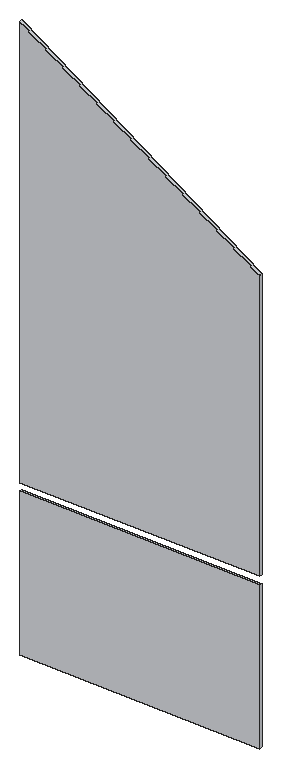
Revit family "EXP_WT-1A_CPan-023", category Curtain Panels, Revit 2021
Family settings
  OmniClass Number = 23.25.20.14.11.11.17
  OmniClass Title = Infill Panels
  Always vertical = Yes
  Cut with Voids When Loaded = No
  Shared = No
Parameters (values of type "H2 = 4' 10"")
  UI-UnitNumber [instance] = "001"
  UI-Quadrant [instance] = "SE"
  UI-ProjectAbbreviation = "NEU"
  UI-ItemCategory = "PID"
  UI-FloorNumber [instance] = "03"
  PNT-WallType = "WT1A"
  PNT-ProjectAbbreviation = "NEU"
  PNT-PanelType [instance] = "01"
  PNT-ItemCategory = "PNL"
  HSX [instance] = HModSX - CellH  # 12' - 0"
  HModSX [instance] = 13' - 6"
  HModDX [instance] = 18' - 1"
  HDX [instance] = HModDX - CellH  # 16' - 7"
  GlassSPH2(x2) [instance] = 0' - 1 1/8"
  GlassSPH1 [instance] = 0' - 1 1/8"
  GlassH2 [instance] = none
  GlassH1 [instance] = none
  Define Thermal Properties by = Schematic Type
  CellSxH1 [instance] = 8' - 8"
  CellSxH [instance] = HSX + CellH  # 13' - 6"
  CellSp = 0' - 10 3/16"
  CellL [instance] = 7' - 8"
  CellH2 = 4' - 10"
  CellH [instance] = 1' - 6"
  CellDxH1 [instance] = 13' - 3"
  CellDxH [instance] = HDX + CellH  # 18' - 1"
  AncleTrapezoid [instance] = 120.872°
  Analytic Construction = "<None>"
Reference planes (in)
  plane 1 "Center (Front/Back)": y = 0
  plane 2: z = 0
  plane 3 "Center (Left/Right)": x = 0
  plane 4 "Left": x = -46
  plane 5 "Right": x = 46
  plane 6 "Top": z = 18
  plane 7: y = -10.1875
  plane 8: z = 162
  plane 9: z = 217
  plane 10: z = 58
Forms (in)
  Extrusion 1, solid, material <- "GlassH1", detail levels coarse+medium
    sketch origin (0, 0, 0) x (1, 0, 0) y (0, 0, 1)
      loop
        line (46, 162) -> (-46, 217) -> (-46, 58) -> (46, 58) -> (46, 162)
    from 0 to 10.1875
  Extrusion 2, solid, material <- "GlassH2", detail levels coarse+medium
    sketch origin (0, 0, 0) x (1, 0, 0) y (0, 1, 0)
      loop
        line (-46, -10.1875) -> (46, -10.1875) -> (46, 0) -> (-46, 0) -> (-46, -10.1875)
    from 0 to 58
Lines and regions (in)
  reference lines
    curve 1: line (46, 0, 162) -> (-46, 0, 217)
Text (in)
  text "Exterior" at (-92.59733, 55.75508, 0), in view "Ref. Level"
  text "Exterior" at (0, 90.18664, 173.49264), in view "Left"
  text "Exterior" at (0, 52.29083, 162.21847), in view "Right"
Dimensions and locks (in)
  equal spacing: plane 4 "Left", plane 3 "Center (Left/Right)", plane 5 "Right"  (x2)
  "CellL": plane 4 "Left" to plane 5 "Right"
  "CellSp": plane 7 to plane 1 "Center (Front/Back)"
  "CellH": plane 2 to plane 6 "Top"
  "HSX": plane 6 "Top" to plane 8
  "HDX": plane 6 "Top" to plane 9
  "CellH2": plane 2 to plane 10
  "CellSxH1": plane 10 to plane 8
  "CellDxH1": plane 10 to plane 9
  aligned and locked: level to plane 2
  aligned and locked: plane 5 "Right" to Extrusion 1 sketch curve
  aligned and locked: Extrusion 1 sketch curve to plane 4 "Left"
  aligned and locked: Extrusion 1 to plane 7
  aligned and locked: plane 10 to Extrusion 1 sketch curve
  aligned and locked: Extrusion 2 sketch curve to plane 7
  aligned and locked: plane 4 "Left" to Extrusion 2 sketch curve
  aligned and locked: Extrusion 2 sketch curve to plane 1 "Center (Front/Back)"
  aligned and locked: Extrusion 2 sketch curve to plane 5 "Right"
  aligned and locked: plane 10 to Extrusion 2
  aligned and locked: Extrusion 2 to plane 2
  aligned and locked: Extrusion 1 sketch curve to curve 1
  aligned and locked: plane 7 to nested 1
  aligned and locked: plane 10 to nested 1
  aligned and locked: nested 1 to plane 5 "Right"
  aligned and locked: nested 1 to plane 4 "Left"
  aligned and locked: nested 1 to plane 9
  aligned and locked: nested 1 to plane 8
  aligned and locked: nested 2 to plane 4 "Left"
  aligned and locked: nested 2 to plane 5 "Right"
  aligned and locked: plane 7 to nested 2
  aligned and locked: plane 10 to nested 2
  aligned and locked: plane 2 to nested 2
Automatic sketch dimensions
  plane 5 "Right" to curve 1 = 0' - 0"
  curve 1 to plane 8 = 0' - 0"
  curve 1 to plane 9 = 0' - 0"
  curve 1 to plane 4 "Left" = 0' - 0"
Nested families (in)
  nested 1: "EXP_WT-1x_IG-002" at (0, -10.1875, 137.5) x (-1, 0, 0) z (0, 0, 1), MaterialGlass <- "GlassH1", GlassSP <- "GlassSPH1", type "EXP_WT-1x_IG-002", detail levels fine
    with MaterialGlass none, GlassSP 0' - 1 1/8", GlassL 7' - 6 1/8", CellSxH 8' - 8", CellL 7' - 8", CellH 13' - 3", CellDxH 13' - 3", GlassHSX 8' - 5.44817", GlassHDX 12' - 11.32725", GlassAngleB 59.1279°, GlassAngleA 120.872°
  nested 2: "EXP_WT-1x_IG-001" at (0, -10.1875, 29) x (-1, 0, 0) z (0, 0, 1), GlassSP <- "GlassSPH2(x2)", MaterialGlass <- "GlassH2", type "GlassSP = H"
    with MaterialGlass none, GlassSP 0' - 1 1/8", GlassL 7' - 6.12549", GlassH 4' - 7.12598", CellL 7' - 8", CellH 4' - 10"
Definition of nested family "EXP_WT-1x_IG-002"
  Parameters (values of type "EXP_WT-1x_IG-002")
    MaterialGlass [instance] = none
    GlassSP [instance] = 0' - 1 1/4"
    GlassL [instance] = CellL - (GlassD1 + GlassD3)  # 4' - 2.0935"
    GlassHSX [instance] = 5' - 6.85315"
    GlassHDX [instance] = 6' - 5.47904"
    GlassD4 = 0' - 1 7/16"
    GlassD3 = 0' - 0 15/16"
    GlassD2 = 0' - 1 7/16"
    GlassD1 = 0' - 0 15/16"
    GlassAngleB [instance] = 78.0239°
    GlassAngleA [instance] = 101.976°
    GMPI-ProjectAbbreviation = "NEU"
    GMPI-IteamCategory = "GLS"
    DistanceFacade = 0' - 4.72441"
    Default Elevation = 0' - 0"
    CellSxH [instance] = 5' - 9.56127"
    CellL [instance] = 4' - 3.9685"
    CellH [instance] = 6' - 8.58489"
    CellDxH [instance] = CellH  # 6' - 8.58489"
  Reference planes (in)
    plane 1 "Center (Front/Back)": y = 0
    plane 2: z = 0
    plane 3 "Center (Left/Right)": x = 0
    plane 4: x = -25.98425
    plane 5: x = 25.98425
    plane 6: z = 40.29245
    plane 7: x = -25.04675
    plane 8: x = 25.04675
    plane 9: z = -40.29245
    plane 10: z = -38.85495
    plane 11: z = 29.26882
  Forms (in)
    Extrusion 1, solid, material <- "MaterialGlass"
      sketch origin (0, 0, 0) x (1, 0, 0) y (0, 0, 1)
        loop
          line (-25.04675, 27.9982) -> (-25.04675, -38.85495) -> (25.04675, -38.85495) -> (25.04675, 38.6241) -> (-25.04675, 27.9982)
      from 0 to 1.25 <- "GlassSP"
  Lines and regions (in)
    reference lines
      curve 1: line (-25.98425, 0, 29.26882) -> (25.98425, 0, 40.29245)
      curve 2: line (-25.98425, 0, 27.79934) -> (25.98425, 0, 38.82296)
  Dimensions and locks (in)
    equal spacing: plane 6, level, plane 9
    "CellH": plane 6 to plane 9
    equal spacing: plane 4, plane 3 "Center (Left/Right)", plane 5
    "CellL": plane 4 to plane 5
    "GlassD1": plane 4 to plane 7
    "GlassD3": plane 5 to plane 8
    "GlassD2": curve 2 to curve 1
    "GlassD4": plane 10 to plane 9
    "CellSxH": plane 11 to plane 9
    "GlassHDX": Extrusion 1 to plane 10
    "GlassHSX": Extrusion 1 to plane 10
    "GlassAngleA": angle Extrusion 1 to Extrusion 1
    "GlassAngleB": angle Extrusion 1 to Extrusion 1
    aligned and locked: level to plane 2
    aligned and locked: plane 4 to curve 2
    aligned and locked: plane 5 to curve 2
    aligned and locked: Extrusion 1 sketch curve to plane 7
    aligned and locked: curve 2 to Extrusion 1 sketch curve
    aligned and locked: Extrusion 1 sketch curve to plane 8
    aligned and locked: Extrusion 1 sketch curve to plane 10
  Automatic sketch dimensions
    plane 4 to curve 1 = 0' - 0"
    plane 5 to curve 1 = 0' - 0"
    curve 1 to plane 11 = 0' - 0"
    curve 1 to plane 6 = 0' - 0"
Definition of nested family "EXP_WT-1x_IG-001"
  Parameters (values of type "H2 _ GlassSP = 1 1/4"")
    MaterialGlass [instance] = none
    GlassSP [instance] = 0' - 1 1/4"
    GlassL [instance] = CellL - (GlassD1 + GlassD3)  # 3' - 10.94439"
    GlassH [instance] = CellH - (GlassD2 + GlassD4)  # 6' - 6.64788"
    GlassD4 = 0' - 1.43701"
    GlassD3 = 0' - 0.93701"
    GlassD2 = 0' - 0 1/2"
    GlassD1 = 0' - 0 15/16"
    GMPI-ProjectAbbreviation = "NEU"
    GMPI-IteamCategory = "GLS"
    Default Elevation = 0' - 0"
    CellL [instance] = 4' - 0.8189"
    CellH [instance] = 6' - 8.58489"
  Types (12): name | GlassSP | GlassL | GlassH | GlassD4 | GlassD2 | GlassD1
    H2(x2) _ GlassSP = 2 1/8" | 0' - 2.12598" | 3' - 10.94488" | 6' - 6.64788" | 0' - 1.43701" | 0' - 0 1/2" | 0' - 0.93701"
    H1 _ GlassSP = 1 1/4" | 0' - 1 1/4" | 3' - 10.94439" | 6' - 6.89739" | 0' - 0 1/4" | 0' - 1 7/16" | 0' - 0 15/16"
    H2(x3) _ GlassSP = 2 1/8" | 0' - 2.12598" | 3' - 10.94488" | 6' - 7.83489" | 0' - 0 1/4" | 0' - 0 1/2" | 0' - 0.93701"
    H3 _ GlassSP = 1 1/4" | 0' - 1 1/4" | 3' - 10.94439" | 6' - 6.64788" | 0' - 1.43701" | 0' - 0 1/2" | 0' - 0 15/16"
    H _ GlassSP = 2 1/8" | 0' - 2.12598" | 3' - 10.94488" | 6' - 5.71088" | 0' - 1.43701" | 0' - 1.43701" | 0' - 0.93701"
    H _ GlassSP = 1 1/4" | 0' - 1 1/4" | 3' - 10.94439" | 6' - 5.71088" | 0' - 1.43701" | 0' - 1.43701" | 0' - 0 15/16"
    H2 _ GlassSP = 1 1/4" | 0' - 1 1/4" | 3' - 10.94439" | 6' - 6.64788" | 0' - 1.43701" | 0' - 0 1/2" | 0' - 0 15/16"
    GlassSP = H | 0' - 1 1/4" | 3' - 10.94439" | 6' - 5.71088" | 0' - 1.43701" | 0' - 1.43701" | 0' - 0 15/16"
    GlassSP = H3 | 0' - 1 1/4" | 3' - 10.94439" | 6' - 6.64788" | 0' - 1.43701" | 0' - 0 1/2" | 0' - 0 15/16"
    GlassSP = H2(x3) | 0' - 2.12598" | 3' - 10.94488" | 6' - 7.83489" | 0' - 0 1/4" | 0' - 0 1/2" | 0' - 0.93701"
    GlassSP = H2(x2) | 0' - 2.12598" | 3' - 10.94488" | 6' - 6.64788" | 0' - 1.43701" | 0' - 0 1/2" | 0' - 0.93701"
    GlassSP = H1 | 0' - 1 1/4" | 3' - 10.94439" | 6' - 6.89739" | 0' - 0 1/4" | 0' - 1 7/16" | 0' - 0 15/16"
  Reference planes (in)
    plane 1 "Center (Front/Back)": y = 0
    plane 2: z = 0
    plane 3 "Center (Left/Right)": x = 0
    plane 4: x = -24.40945
    plane 5: x = 24.40945
    plane 6: z = 40.29245
    plane 7: x = -23.47195
    plane 8: x = 23.47244
    plane 9: z = -40.29245
    plane 10: z = 39.79245
    plane 11: z = -38.85544
  Forms (in)
    Extrusion 1, solid, material <- "MaterialGlass"
      sketch origin (0, 0, 0) x (1, 0, 0) y (0, 0, 1)
        loop
          line (-23.47195, -38.85544) -> (23.47244, -38.85544) -> (23.47244, 39.79245) -> (-23.47195, 39.79245) -> (-23.47195, -38.85544)
      from 0 to 1.25 <- "GlassSP"
  Dimensions and locks (in)
    equal spacing: plane 6, level, plane 9
    "CellH": plane 6 to plane 9
    "GlassD2": plane 6 to plane 10
    "GlassD4": plane 11 to plane 9
    equal spacing: plane 4, plane 3 "Center (Left/Right)", plane 5
    "CellL": plane 4 to plane 5
    "GlassD1": plane 4 to plane 7
    "GlassD3": plane 5 to plane 8
    aligned and locked: level to plane 2
    aligned and locked: Extrusion 1 sketch curve to plane 11
    aligned and locked: Extrusion 1 sketch curve to plane 7
    aligned and locked: plane 10 to Extrusion 1 sketch curve
    aligned and locked: plane 8 to Extrusion 1 sketch curve
